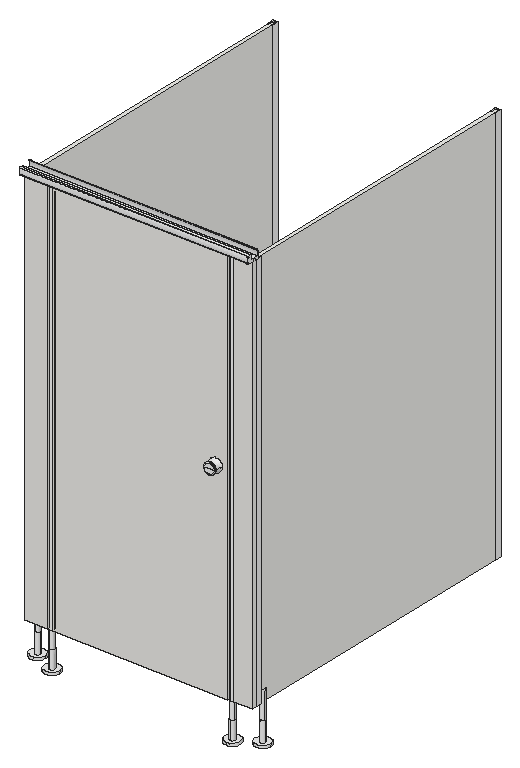
Revit family "Alsanit - Kabiny sanitarne AQUARI - LPW", category Doors, Revit 2020
Family settings
  Work Plane-Based = No
  Always vertical = Yes
  Cut with Voids When Loaded = No
  Shared = No
  Room Calculation Point = No
Parameters (values of type "18mm")
  Width = 0.00 mm  # constant formula
  Type Comments = "Kabiny sanitarne (ścianki giszetowe do WC)"
  Thickness = Grubość ścianki  # 18.00 mm
  Szerokość wewnętrzna modułu (min. 1000) [instance] = 1000.00 mm
  Szerokość wewnętrzna modułu [instance] = [Szerokość wewnętrzna modułu (min. 1000)]  # 1000.00 mm
  Szerokość drzwi (max. 1000 mm) [instance] = 800.00 mm
  Szczelina obok drzwi prawa [instance] = if([Orientacja - odbij lustrzanie], Szczelina prawa 1, Szczelina prawa 2)  # 26.00 mm
  Szczelina obok drzwi lewa [instance] = if([Orientacja - odbij lustrzanie], Szczelina lewa 1, Szczelina lewa 2)  # 23.00 mm
  Rough Width = 0.00 mm  # constant formula
  Rough Height = 0.00 mm  # constant formula
  Podcięcie na geberit - prawe [instance] = no
  Podcięcie na geberit - prawa wartość [instance] = if([Podcięcie na geberit - prawe], [Szerokość wewnętrzna modułu (min. 1000)] / 2 + 50.00 mm, 5.00 mm)  # 5.00 mm
  Podcięcie na geberit - odsunięcie poziome wartość [instance] = if([Podcięcie na geberit - odsunięcie poziome] = 0.00 mm, 5.00 mm, [Podcięcie na geberit - odsunięcie poziome])  # 5.00 mm
  Podcięcie na geberit - odsunięcie poziome [instance] = 0.00 mm
  Podcięcie na geberit - odsunięcie pionowe wartość [instance] = if([Podcięcie na geberit - odsunięcie pionowe] = 0.00 mm, 5.00 mm, [Podcięcie na geberit - odsunięcie pionowe])  # 5.00 mm
  Podcięcie na geberit - odsunięcie pionowe [instance] = 0.00 mm
  Podcięcie na geberit - lewe [instance] = no
  Podcięcie na geberit - lewa wartość [instance] = if([Podcięcie na geberit - lewe], [Szerokość wewnętrzna modułu (min. 1000)] / 2 + 50.00 mm, 5.00 mm)  # 5.00 mm
  Odsunięcie ścianki lewe kontrola [instance] = 91.00 mm  # constant formula
  Odległość nóżki prawa [instance] = Szczelina obok drzwi prawa / 2  # 13.00 mm
  Odległość nóżki lewa [instance] = Szczelina obok drzwi lewa / 2  # 11.50 mm
  Nóżka grubość 2 [instance] = 24.00 mm  # constant formula
  Nózka grubość stopka [instance] = 70.00 mm  # constant formula
  Nożka grubość 1 [instance] = 20.00 mm  # constant formula
  Noga prawa widoczność [instance] = not([Połączenie - prawa strona] = Prawa strona przy ścianie typ)  # yes
  Noga lewa widoczność [instance] = [Połączenie - lewa strona] = Lewa strona zamknięta typ  # yes
  Krótki opis = "Kabiny sanitarne ALSANIT posiadające oznaczenie CE zgodnie z parametrami systemu"
  Height = 0.00 mm  # constant formula
  Function = Interior
  Film Instruktażowy = "https://youtu.be/qyrI1CfgFO4"
  Define Thermal Properties by = Schematic Type
  Construction Type = "Kabiny sanitarne"
  Szczelina prawa 2 = 26.00 mm  # constant formula
  Szczelina prawa 1 = 23.00 mm  # constant formula
  Analytic Construction = "<None>"
  Akcesoria - wzmocnienie pionowe prawe [instance] = [Odsunięcie prawej ścianki od osi (min. 60 mm)] > 399.00 mm  # no
  Akcesoria - wzmocnienie pionowe lewe [instance] = ([Szerokość wewnętrzna modułu (min. 1000)] - [Szerokość drzwi (max. 1000 mm)] - [Odsunięcie prawej ścianki od osi (min. 60 mm)]) > 400.00 mm  # no
  Wysokość ścianki łączącej [instance] = 2000.00 mm  # constant formula
  Szerokość zewnętrzna modułu [instance] = 1042.00 mm
  Szerokość obliczona [instance] = if(and(Lewa strona przy ścianie, Prawa strona przy ścianie), [Szerokość wewnętrzna modułu (min. 1000)] - 2 * (Grubość ścianki + 7.00 mm), if(or(Lewa strona przy ścianie, Prawa strona przy ścianie), [Szerokość wewnętrzna modułu (min. 1000)] - Grubość ścianki - 7.00 mm, [Szerokość wewnętrzna modułu (min. 1000)]))  # 1000.00 mm
  Wysokość modułu [instance] = 2030.00 mm  # constant formula
  URL = "https://www.alsanit.pl/"
  Rodzaj płyt = "LPW - Laminowana płyta wiórowa"
  Prawe odsunięcie belki dolnej [instance] = if(Prawa strona przy ścianie, 30.00 mm, 0.00 mm)  # 0.00 mm
  Prawa strona niepołączona [instance] = not(Prawa strona połączona)  # yes
  Model = "AQUARI"
  Manufacturer = "Alsanit"
  Lewe odsunięcie belki dolnej [instance] = if(Lewa strona przy ścianie, 30.00 mm, 0.00 mm)  # 0.00 mm
  Lewa strona niepołączona [instance] = not(Lewa strona połączona)  # yes
  Głębokość modułu (min. 1150mm - max. 1600 mm) [instance] = 1400.00 mm
  Głębokość modułu [instance] = if([Głębokość modułu (min. 1150mm - max. 1600 mm)] > 1600.00 mm, 1600.00 mm, [Głębokość modułu (min. 1150mm - max. 1600 mm)])  # 1400.00 mm
  Description = "Kabiny sanitarne to idealna kombinacja trwałości i estetyki w najnowszej cenie. Ze względu na estetyczność zastosowań jest najchętniej kupowanym systemem kabin sanitarnych w Polsce."
  Autor = "www.archispace.pl"
  Orientacja - na zewnątrz [instance] = not([Orientacja - do wewnątrz])  # yes
  Orientacja - do wewnątrz [instance] = no
  Ścianka łącząca [instance] = not(Prawa strona przy ścianie)  # yes
  Szerokość drzwi [instance] = if([Szerokość drzwi (max. 1000 mm)] > 1000.00 mm, 1000.00 mm, [Szerokość drzwi (max. 1000 mm)])  # 800.00 mm
  Prawe odsunięcie osi [instance] = if(Prawa strona zamknięta, Grubość ścianki / 2 + 3.00 mm, if(Prawa strona przy ścianie, Grubość ścianki / 2 + 7.00 mm, 0.00 mm))  # 12.00 mm
  Prawa strona zamknięta typ = Rodzaj połączenia : Zamknięta
  Prawa strona zamknięta [instance] = [Połączenie - prawa strona] = Prawa strona zamknięta typ  # yes
  Prawa strona przy ścianie typ = Rodzaj połączenia : Przy ścianie
  Prawa strona przy ścianie [instance] = [Połączenie - prawa strona] = Prawa strona przy ścianie typ  # no
  Prawa strona połączona typ = Rodzaj połączenia : Połączona
  Prawa strona połączona [instance] = [Połączenie - prawa strona] = Prawa strona połączona typ  # no
  Prawe odsunięcie osi panelu [instance] = if(Prawa strona przy ścianie, 10.00 mm, 0.00 mm)  # 0.00 mm
  Odsunięcie prawej ścianki od osi (min. 60 mm) [instance] = 100.00 mm
  Połączenie - prawa strona [instance] = Rodzaj połączenia : Zamknięta
  Orientacja - odbij lustrzanie [instance] = no
  Materiał płyt = Alsanit - LPW - Biały 9016
  Materiał okuć = Alsanit - Aluminium
  Materiał wsporników = Alsanit - Aluminium
  Materiał belek = Alsanit - Aluminium
  Lewe odsunięcie osi panelu [instance] = if(Lewa strona przy ścianie, 10.00 mm, 0.00 mm)  # 0.00 mm
  Lewe odsunięcie osi [instance] = if(Lewa strona zamknięta, Grubość ścianki / 2 + 3.00 mm, if(Lewa strona przy ścianie, Grubość ścianki / 2 + 7.00 mm, 0.00 mm))  # 12.00 mm
  Lewa strona zamknięta typ = Rodzaj połączenia : Zamknięta
  Lewa strona zamknięta [instance] = [Połączenie - lewa strona] = Lewa strona zamknięta typ  # yes
  Lewa strona przy ścianie typ = Rodzaj połączenia : Przy ścianie
  Lewa strona przy ścianie [instance] = [Połączenie - lewa strona] = Lewa strona przy ścianie typ  # no
  Lewa strona połączona typ = Rodzaj połączenia : Połączona
  Lewa strona połączona [instance] = [Połączenie - lewa strona] = Lewa strona połączona typ  # no
  Odsunięcie lewej ścianki od osi (min. 60 mm) [instance] = 118.00 mm
  Połączenie - lewa strona [instance] = Rodzaj połączenia : Zamknięta
  Grubość ścianki = 18.00 mm
  Default Elevation = 0.00 mm
  Orientacja - bez odbicia [instance] = not([Orientacja - odbij lustrzanie])  # yes
  Szczelina lewa 2 = 23.00 mm  # constant formula
  Szczelina lewa 1 = 26.00 mm  # constant formula
Reference planes
  plane 1 "Center (Front/Back)": y = 0
  plane 2: z = 0
  plane 3 "Center (Left/Right)": x = 0
  plane 4: x = -500
  plane 5: x = 500
  plane 6: x = 509
  plane 7: x = 518
  plane 8: x = -509
  plane 9: x = -518
  plane 10: y = -1400
  plane 11: y = -1418
  plane 12: y = -10
  plane 13: y = -1394
  plane 14: y = -1409
  plane 15 "Lewa oś wstawienia": x = -521
  plane 16 "Prawa oś wstawienia": x = 521
  plane 17: y = -1334.5
  plane 18: x = 435
  plane 19: x = 409
  plane 20: x = -391
  plane 21: x = -414
  plane 22 "Prawe odsunięcie osi panelu": x = 521
  plane 23 "Lewe odsunięcie osi panelu": x = -521
  plane 24: x = 9
  plane 25: z = 170
  plane 26 "Wysokość modułu": z = 2030
  plane 27 "Odsunięcie górne ścianek frontowych": z = 2010
  plane 28: y = -1398.5
  plane 29: x = -521
  plane 30: x = 521
  plane 31: z = 100
  plane 32: z = 225.5
  plane 33: z = 2000
  plane 34: z = 170
  plane 35: x = -521
  plane 36: x = 521
  plane 37: z = 170
  plane 38: z = 2000
  plane 39: z = 2000
  plane 40: z = 2000
  plane 41: z = 2000
  plane 42: z = 2000
  plane 43: z = 2000
  plane 44: x = 610
  plane 45: x = -596
  plane 46: z = 1995
  plane 47: z = 1990
  plane 48: z = 2000
  plane 49: z = 2000
  plane 50: z = 2000
  plane 51: z = 2000
  plane 52: x = -605
  plane 53: x = -587
  plane 54: x = 601
  plane 55: x = 619
  plane 56: x = -5
  plane 57: x = 5
  plane 58: z = 5
  plane 59: y = -5
  plane 60: z = 5
  plane 61: y = -5
  plane 62: y = -1355
  plane 63: z = 10
  plane 64: z = 10
Forms (mm)
  Sweep 1, solid, material "Alsanit - LPW - Biały 9016" <- "Materiał płyt", visible <- "Ścianka łącząca"
    path origin (0, 0, 0) x (1, 0, 0) y (0, 0, 1)
      loop
        line (509, 170) -> (509, 2000)
    profile origin (509, 0, 1085) x (-1, 0, 0) y (0, -1, 0)
      loop
        line (9, 10) -> (9, 1394) -> (-9, 1394) -> (-9, 10) -> (9, 10)
  Sweep 2, solid, material "Alsanit - LPW - Biały 9016" <- "Materiał płyt", visible <- "Lewa strona zamknięta"
    path origin (0, 0, 0) x (-1, 0, 0) y (0, 0, 1)
      loop
        line (509, 170) -> (509, 2000)
    profile origin (-509, 0, 1085) x (-1, 0, 0) y (0, -1, 0)
      loop
        line (-9, 10) -> (9, 10) -> (9, 1394) -> (-9, 1394) -> (-9, 10)
  Sweep 3, solid, material "Alsanit - Aluminium" <- "Materiał belek", visible <- "Ścianka łącząca", detail levels medium+fine
    path origin (0, 0, 0) x (1, 0, 0) y (0, 0, 1)
      loop
        line (509, 2000) -> (509, 170)
    profile "U-profile : U-profile" origin (509, 0, 1085) x (1, 0, 0) y (0, -1, 0)
      loop
        line (10.5, 0) -> (10.5, 30) -> (9, 30) -> (9, 1.5) -> (-9, 1.5) -> (-9, 30) -> (-10.5, 30) -> (-10.5, 0) -> (10.5, 0)
  Sweep 4, solid, material "Alsanit - Aluminium" <- "Materiał belek", visible <- "Lewa strona zamknięta", detail levels medium+fine
    path origin (0, 0, 0) x (-1, 0, 0) y (0, 0, 1)
      loop
        line (509, 2000) -> (509, 170)
    profile "U-profile : U-profile" origin (-509, 0, 1085) x (1, 0, 0) y (0, -1, 0)
      loop
        line (10.5, 0) -> (10.5, 30) -> (9, 30) -> (9, 1.5) -> (-9, 1.5) -> (-9, 30) -> (-10.5, 30) -> (-10.5, 0) -> (10.5, 0)
  Sweep 5, solid, material "Alsanit - Aluminium" <- "Materiał belek", visible <- "Lewa strona zamknięta", detail levels medium+fine
    path origin (673.537, -1400, 1200) x (1, 0, 0) y (0, 0, 1)
      loop
        line (-1182.537, 800) -> (-1182.537, -1030)
    profile "U-profile : U-profile" origin (-509, -1400, 1085) x (1, 0, 0) y (0, -1, 0)
      loop
        line (-10.5, 0) -> (-10.5, -30) -> (-9, -30) -> (-9, -1.5) -> (9, -1.5) -> (9, -30) -> (10.5, -30) -> (10.5, 0) -> (-10.5, 0)
  Sweep 6, solid, material "Alsanit - Aluminium" <- "Materiał belek", visible <- "Ścianka łącząca", detail levels medium+fine
    path origin (673.537, -1400, 1200) x (1, 0, 0) y (0, 0, 1)
      loop
        line (-164.537, 800) -> (-164.537, -1030)
    profile "U-profile : U-profile" origin (509, -1400, 1085) x (1, 0, 0) y (0, -1, 0)
      loop
        line (-10.5, 0) -> (-10.5, -30) -> (-9, -30) -> (-9, -1.5) -> (9, -1.5) -> (9, -30) -> (10.5, -30) -> (10.5, 0) -> (-10.5, 0)
  Extrusion 7, solid, material "Alsanit - LPW - Biały 9016" <- "Materiał płyt", detail levels medium+fine
    sketch origin (0, 0, 0) x (1, 0, 0) y (0, 1, 0)
      loop
        line (-521, -1400) -> (-521, -1418) -> (-414, -1418) -> (-414, -1400) -> (-521, -1400)
    from 170 to 2010
  Extrusion 8, solid, material "Alsanit - LPW - Biały 9016" <- "Materiał płyt", detail levels medium+fine
    sketch origin (0, 0, 0) x (-1, 0, 0) y (0, -1, 0)
      loop
        line (-521, 1400) -> (-435, 1400) -> (-435, 1418) -> (-521, 1418) -> (-521, 1400)
    from 170 to 2010
  Sweep 9, solid, material "Alsanit - Aluminium" <- "Materiał belek", visible <- "Lewa strona przy ścianie", detail levels medium+fine
    path origin (-771.956, -1409, 1200) x (-1, 0, 0) y (0, 0, 1)
      loop
        line (-250.956, -1030) -> (-250.956, 800)
    profile "U-profile : U-profile" origin (-521, -1409, 1085) x (1, 0, 0) y (0, 1, 0)
      loop
        line (0, -10.5) -> (30, -10.5) -> (30, -9) -> (1.5, -9) -> (1.5, 9) -> (30, 9) -> (30, 10.5) -> (0, 10.5) -> (0, -10.5)
  Sweep 10, solid, material "Alsanit - Aluminium" <- "Materiał belek", visible <- "Prawa strona przy ścianie", detail levels medium+fine
    path origin (771.956, -1409, 1200) x (1, 0, 0) y (0, 0, -1)
      loop
        line (-250.956, 1030) -> (-250.956, -800)
    profile "U-profile : U-profile" origin (521, -1409, 1085) x (1, 0, 0) y (0, 1, 0)
      loop
        line (0, 10.5) -> (-30, 10.5) -> (-30, 9) -> (-1.5, 9) -> (-1.5, -9) -> (-30, -9) -> (-30, -10.5) -> (0, -10.5) -> (0, 10.5)
  Extrusion 11, solid, material "Alsanit - LPW - Biały 9016" <- "Materiał płyt", detail levels coarse
    sketch origin (0, 0, 0) x (1, 0, 0) y (0, 1, 0)
      loop
        line (-521, -1400) -> (-521, -1418) -> (521, -1418) -> (521, -1400) -> (-521, -1400)
    from 170 to 2030
  Sweep 12, solid, material "Alsanit - Aluminium" <- "Materiał belek", not visible, detail levels medium+fine
    path origin (-998.294, -1524, 2030) x (-1, 0, 0) y (0, -1, 0)
      loop
        line (-489.294, -1524) -> (-489.294, -125.5)
    profile "U-profile : U-profile" origin (-509, -699.25, 2030) x (1, 0, 0) y (0, 0, 1)
      loop
        line (-10.5, 0) -> (-10.5, -30) -> (-9, -30) -> (-9, -1.5) -> (9, -1.5) -> (9, -30) -> (10.5, -30) -> (10.5, 0) -> (-10.5, 0)
  Sweep 13, solid, material "Alsanit - Aluminium" <- "Materiał belek", not visible, detail levels medium+fine
    path origin (-998.294, -1524, 2030) x (-1, 0, 0) y (0, -1, 0)
      loop
        line (-1507.294, -1524) -> (-1507.294, -125.5)
    profile "U-profile : U-profile" origin (509, -699.25, 2030) x (1, 0, 0) y (0, 0, 1)
      loop
        line (-10.5, 0) -> (-10.5, -30) -> (-9, -30) -> (-9, -1.5) -> (9, -1.5) -> (9, -30) -> (10.5, -30) -> (10.5, 0) -> (-10.5, 0)
  Sweep 14, solid, material "Alsanit - Aluminium" <- "Materiał belek", not visible, detail levels medium+fine
    path origin (-771.956, -1409, 4200) x (-1, 0, 0) y (0, 0, 1)
      loop
        line (-250.956, -2170) -> (-1292.956, -2170)
    profile "U-profile : U-profile" origin (0, -1409, 2030) x (0, 0, -1) y (0, 1, 0)
      loop
        line (0, -10.5) -> (30, -10.5) -> (30, -9) -> (1.5, -9) -> (1.5, 9) -> (30, 9) -> (30, 10.5) -> (0, 10.5) -> (0, -10.5)
  Sweep 15, solid, material "Alsanit - Aluminium" <- "Materiał belek", not visible, detail levels medium+fine
    path origin (-771.956, -1409, 1200) x (-1, 0, 0) y (0, 0, 1)
      loop
        line (-250.956, 830) -> (-1292.956, 830)
    profile "U-profile : U-profile" origin (0, -1409, 2030) x (0, 0, -1) y (0, 1, 0)
      loop
        line (0, -10.5) -> (30, -10.5) -> (30, -9) -> (1.5, -9) -> (1.5, 9) -> (30, 9) -> (30, 10.5) -> (0, 10.5) -> (0, -10.5)
  Sweep 16, solid, material "Alsanit - LPW - Biały 9016" <- "Materiał płyt", visible <- "Akcesoria - wzmocnienie pionowe prawe", detail levels medium+fine
    path origin (-771.956, -1409, 1200) x (-1, 0, 0) y (0, 0, 1)
      loop
        line (-1381.956, -1030) -> (-1381.956, 800)
    profile origin (610, -1409, 1085) x (1, 0, 0) y (0, 1, 0)
      loop
        line (-9, 15) -> (9, 15) -> (9, 110) -> (-9, 110) -> (-9, 15)
  Sweep 17, solid, material "Alsanit - Aluminium" <- "Materiał belek", visible <- "Akcesoria - wzmocnienie pionowe prawe", detail levels medium+fine
    path origin (673.537, -1400, 1200) x (1, 0, 0) y (0, 0, 1)
      loop
        line (-63.537, -1030) -> (-63.537, 800)
    profile "U-profile : U-profile" origin (610, -1400, 1085) x (-1, 0, 0) y (0, -1, 0)
      loop
        line (-10.5, 0) -> (-10.5, -30) -> (-9, -30) -> (-9, -1.5) -> (9, -1.5) -> (9, -30) -> (10.5, -30) -> (10.5, 0) -> (-10.5, 0)
  Sweep 18, solid, material "Alsanit - LPW - Biały 9016" <- "Materiał płyt", visible <- "Akcesoria - wzmocnienie pionowe lewe", detail levels medium+fine
    path origin (1162.956, -1409, 1200) x (1, 0, 0) y (0, 0, -1)
      loop
        line (-1758.956, 1030) -> (-1758.956, -800)
    profile origin (-596, -1409, 1085) x (1, 0, 0) y (0, 1, 0)
      loop
        line (9, 15) -> (9, 110) -> (-9, 110) -> (-9, 15) -> (9, 15)
  Sweep 19, solid, material "Alsanit - Aluminium" <- "Materiał belek", visible <- "Akcesoria - wzmocnienie pionowe lewe", detail levels medium+fine
    path origin (673.537, -1400, 1200) x (1, 0, 0) y (0, 0, 1)
      loop
        line (-1269.537, -1030) -> (-1269.537, 800)
    profile "U-profile : U-profile" origin (-596, -1400, 1085) x (-1, 0, 0) y (0, -1, 0)
      loop
        line (10.5, 0) -> (-10.5, 0) -> (-10.5, -30) -> (-9, -30) -> (-9, -1.5) -> (9, -1.5) -> (9, -30) -> (10.5, -30) -> (10.5, 0)
  Sweep 20, solid, material "Alsanit - Aluminium" <- "Materiał belek", detail levels medium+fine
    path origin (0, -160, 0) x (1, 0, 0) y (0, 1, 0)
      loop
        line (-521, -1249) -> (521, -1249)
    profile origin (0, -1409, 0) x (0, 1, 0) y (0, 0, 1)
      loop
        line (-9, 2000) -> (-9, 2010.006) -> (9, 2010.006) -> (9, 2000) -> (18.963, 2000)
        arc (18.963, 2000) -> (20.347, 2000.556) -> (20.962, 2001.914) r 2
        arc (20.962, 2001.914) -> (22.476, 2022.263) -> (16.301, 2041.711) r 53.788
        arc (16.301, 2041.711) -> (15.681, 2042.09) -> (14.965, 2042.223) r 2
        line (14.965, 2042.223) -> (14.002, 2042.223) -> (14.002, 2040.823) -> (15.303, 2040.823)
        arc (15.303, 2040.823) -> (20.408, 2026.85) -> (21.387, 2012.006) r 52.487
        line (21.387, 2012.006) -> (-19.028, 2012.006) -> (-19.028, 2032.006) -> (-31.863, 2032.006)
        arc (-31.863, 2032.006) -> (-33.104, 2031.575) -> (-33.81, 2030.466) r 2
        arc (-33.81, 2030.466) -> (-35.785, 2016.001) -> (-33.807, 2001.537) r 53.895
        arc (-33.807, 2001.537) -> (-33.101, 2000.431) -> (-31.861, 2000) r 2
        line (-31.861, 2000) -> (-9, 2000)
  Sweep 21, solid, material "Alsanit - LPW - Biały 9016" <- "Materiał płyt", not visible
    path origin (0, 0, 0) x (1, 0, 0) y (0, 1, 0)
      loop
        line (-391, -1409) -> (409, -1409)
    profile origin (9, -1409, 0) x (0, 1, 0) y (0, 0, 1)
      loop
        line (9, 2010) -> (-9, 2010) -> (-9, 1995) -> (9, 1995) -> (9, 2010)
  Sweep 22, void
    path origin (0, 0, 0) x (1, 0, 0) y (0, 1, 0)
      loop
        line (0, 0) -> (-5, 0)
    profile origin (-2.5, 0, 0) x (0, -1, 0) y (0, 0, 1)
      loop
        line (0, 5) -> (0, 0) -> (5, 0) -> (5, 5) -> (0, 5)
  Sweep 23, void
    path origin (0, 0, 0) x (-1, 0, 0) y (0, -1, 0)
      loop
        line (0, 0) -> (-5, 0)
    profile origin (2.5, 0, 0) x (0, 1, 0) y (0, 0, 1)
      loop
        line (0, 5) -> (-5, 5) -> (-5, 0) -> (0, 0) -> (0, 5)
  Sweep 24, solid, material "Alsanit - Aluminium" <- "Materiał wsporników", visible <- "Lewa strona zamknięta"
    path origin (-771.956, -1409, 1200) x (-1, 0, 0) y (0, 0, 1)
      loop
        line (-262.956, -974.5) -> (-262.956, -1100)
    profile origin (-509, -1409, 162.75) x (0, 1, 0) y (-1, 0, 0)
      loop
        circle (54, 2) r 10
  Sweep 25, solid, material "Alsanit - Aluminium" <- "Materiał wsporników", visible <- "Lewa strona zamknięta"
    path origin (-771.956, -1405, 1200) x (-1, 0, 0) y (0, 0, 1)
      loop
        line (-262.956, -1190) -> (-262.956, -1100)
    profile origin (-509, -1405, 55) x (1, 0, 0) y (0, 1, 0)
      loop
        circle (-2, 50) r 12
  Sweep 26, solid, material "Alsanit - Aluminium" <- "Materiał wsporników", visible <- "Lewa strona zamknięta"
    path origin (-771.956, -1409, 1200) x (-1, 0, 0) y (0, 0, 1)
      loop
        line (-262.956, -1200) -> (-262.956, -1190)
    profile origin (-509, -1409, 5) x (1, 0, 0) y (0, 1, 0)
      loop
        circle (-2, 54) r 35
  Sweep 27, solid, material "Alsanit - Aluminium" <- "Materiał wsporników", visible <- "Prawa strona zamknięta"
    path origin (-771.956, -1409, 1200) x (-1, 0, 0) y (0, 0, 1)
      loop
        line (-1280.956, -1100) -> (-1280.956, -974.5)
    profile origin (509, -1409, 162.75) x (1, 0, 0) y (0, 1, 0)
      loop
        circle (8, 54) r 10
  Sweep 28, solid, material "Alsanit - Aluminium" <- "Materiał wsporników", visible <- "Prawa strona zamknięta"
    path origin (-771.956, -1409, 1200) x (-1, 0, 0) y (0, 0, 1)
      loop
        line (-1280.956, -1190) -> (-1280.956, -1100)
    profile origin (509, -1409, 55) x (1, 0, 0) y (0, 1, 0)
      loop
        circle (8, 54) r 12
  Sweep 29, solid, material "Alsanit - Aluminium" <- "Materiał wsporników", visible <- "Prawa strona zamknięta"
    path origin (-771.956, -1409, 1200) x (-1, 0, 0) y (0, 0, 1)
      loop
        line (-1280.956, -1200) -> (-1280.956, -1190)
    profile origin (509, -1409, 5) x (1, 0, 0) y (0, 1, 0)
      loop
        circle (8, 54) r 35
Cuts and joins
  Sweep 22 cuts Sweep 4
  Sweep 22 cuts Sweep 2
  Sweep 23 cuts Sweep 1
  Sweep 23 cuts Sweep 3
  joined: Sweep 24, Sweep 25, Sweep 26
  joined: Sweep 27, Sweep 28, Sweep 29
Lines and regions (mm)
  model lines, style "Doors", detail levels medium+fine
    curve 1: line (435, -1418, 2010) -> (435, -1418, 170)
    curve 3: line (521, -1418, 2010) -> (435, -1418, 2010)
    curve 6: line (-414, -1418, 170) -> (-414, -1418, 2010)
    curve 7: line (-414, -1418, 2010) -> (-521, -1418, 2010)
    curve 10: line (-414, -1400, 170) -> (-414, -1418, 170)
    curve 11: line (435, -1400, 170) -> (435, -1418, 170)
    curve 14: line (-414, -1400, 2010) -> (-414, -1418, 2010)
    curve 15: line (435, -1400, 2010) -> (435, -1418, 2010)
    curve 17: line (435, -1400, 2010) -> (435, -1400, 170)
    curve 19: line (521, -1400, 2010) -> (435, -1400, 2010)
    curve 20: line (435, -1400, 170) -> (521, -1400, 170)
    curve 22: line (-414, -1400, 170) -> (-414, -1400, 2010)
    curve 23: line (-414, -1400, 2010) -> (-521, -1400, 2010)
    curve 24: line (-521, -1400, 170) -> (-414, -1400, 170)
  model lines, style "Doors", visible <- "Prawa strona niepołączona", detail levels medium+fine
    curve 2: line (521, -1418, 170) -> (521, -1418, 2010)
    curve 12: line (521, -1400, 170) -> (521, -1418, 170)
    curve 16: line (521, -1400, 2010) -> (521, -1418, 2010)
    curve 18: line (521, -1400, 170) -> (521, -1400, 2010)
  model lines, style "Doors"
    curve 4: line (435, -1418, 170) -> (521, -1418, 170)
    curve 8: line (-521, -1418, 170) -> (-414, -1418, 170)
  model lines, style "Doors", visible <- "Lewa strona niepołączona", detail levels medium+fine
    curve 5: line (-521, -1418, 2010) -> (-521, -1418, 170)
    curve 9: line (-521, -1400, 170) -> (-521, -1418, 170)
    curve 13: line (-521, -1400, 2010) -> (-521, -1418, 2010)
    curve 21: line (-521, -1400, 2010) -> (-521, -1400, 170)
Dimensions and locks
  equal spacing: plane 5, plane 6, plane 7
  "Grubość ścianki": plane 5 to plane 7
  equal spacing: plane 9, plane 8, plane 4
  "Grubość ścianki": plane 9 to plane 4
  "Głębokość modułu": plane 10 to plane 1 "Center (Front/Back)"
  "Grubość ścianki": plane 11 to plane 10
  locked: plane 12 to plane 1 "Center (Front/Back)" at 10
  locked: plane 10 to plane 13 at 6
  equal spacing: plane 10, plane 14, plane 11
  equal spacing: plane 4, plane 3 "Center (Left/Right)", plane 5
  "Szerokość obliczona": plane 4 to plane 5
  "Lewe odsunięcie osi": plane 15 "Lewa oś wstawienia" to plane 8
  "Prawe odsunięcie osi": plane 6 to plane 16 "Prawa oś wstawienia"
  locked: plane 10 to plane 17 at 65.5
  "Szerokość drzwi": plane 20 to plane 19
  equal spacing: plane 20, plane 24, plane 19
  "Wysokość modułu": plane 26 "Wysokość modułu" to plane 2
  locked: plane 10 to plane 28 at 1.5
  plane 25 to level = 170.00 mm
  locked: plane 31 to plane 2 at 100
  plane 15 "Lewa oś wstawienia" to plane 29 = 0.00 mm
  plane 30 to plane 16 "Prawa oś wstawienia" = 0.00 mm
  locked: plane 32 to plane 25 at 55.5
  locked: plane 26 "Wysokość modułu" to plane 33 at 30
  "Lewe odsunięcie osi panelu": plane 15 "Lewa oś wstawienia" to plane 23 "Lewe odsunięcie osi panelu"
  "Prawe odsunięcie osi panelu": plane 22 "Prawe odsunięcie osi panelu" to plane 16 "Prawa oś wstawienia"
  plane 34 to plane 25 = 0.00 mm
  "Lewe odsunięcie belki dolnej": plane 15 "Lewa oś wstawienia" to plane 35
  "Prawe odsunięcie belki dolnej": plane 36 to plane 16 "Prawa oś wstawienia"
  plane 37 to plane 2 = 170.00 mm
  "Wysokość ścianki łączącej": plane 38 to level
  plane 26 "Wysokość modułu" to plane 39 = 30.00 mm
  plane 26 "Wysokość modułu" to plane 40 = 30.00 mm
  plane 26 "Wysokość modułu" to plane 27 "Odsunięcie górne ścianek frontowych" = 20.00 mm
  plane 38 to plane 41 = 0.00 mm
  plane 38 to plane 42 = 0.00 mm
  plane 26 "Wysokość modułu" to plane 43 = 30.00 mm
  "Szerokość zewnętrzna modułu": plane 15 "Lewa oś wstawienia" to plane 16 "Prawa oś wstawienia"
  plane 47 to level = 1990.00 mm
  locked: plane 46 to plane 47 at 5
  locked: plane 48 to plane 2 at 2000
  locked: plane 50 to level at 2000
  locked: plane 51 to level at 2000
  equal spacing: plane 52, plane 45, plane 53
  "Grubość ścianki": plane 52 to plane 53
  equal spacing: plane 54, plane 44, plane 55
  "Grubość ścianki": plane 54 to plane 55
  "Podcięcie na geberit - lewa wartość": plane 56 to plane 3 "Center (Left/Right)"
  "Podcięcie na geberit - prawa wartość": plane 3 "Center (Left/Right)" to plane 57
  "Podcięcie na geberit - odsunięcie poziome wartość": plane 1 "Center (Front/Back)" to plane 59
  "Podcięcie na geberit - odsunięcie pionowe wartość": plane 58 to level
  "Podcięcie na geberit - odsunięcie pionowe wartość": plane 60 to level
  "Podcięcie na geberit - odsunięcie poziome wartość": plane 1 "Center (Front/Back)" to plane 61
  locked: plane 10 to plane 62 at 45
  equal spacing: Sweep 24 sketch curve, plane 62, Sweep 24 sketch curve
  Sweep 24 sketch curve to plane 4 = 1.00 mm
  equal spacing: Sweep 25 sketch curve, plane 62, Sweep 25 sketch curve
  plane 4 to Sweep 25 sketch curve = 1.00 mm
  equal spacing: Sweep 26 sketch curve, plane 62, Sweep 26 sketch curve
  Sweep 12 to Sweep 26 sketch curve = 22.50 mm
  equal spacing: Sweep 27 sketch curve, plane 62, Sweep 27 sketch curve
  locked: plane 6 to Sweep 27 sketch curve at 18
  equal spacing: Sweep 28 sketch curve, plane 62, Sweep 28 sketch curve
  locked: plane 6 to Sweep 28 sketch curve at 20
  equal spacing: Sweep 29 sketch curve, plane 62, Sweep 29 sketch curve
  locked: plane 6 to Sweep 29 sketch curve at 43
  "Szczelina obok drzwi lewa": plane 21 to plane 20
  "Szczelina obok drzwi prawa": plane 19 to plane 18
  "Odsunięcie prawej ścianki od osi (min. 60 mm)": plane 19 to plane 6
  plane 20 to plane 8 = 118.00 mm
  locked: plane 19 to plane 44 at 201
  locked: plane 45 to plane 20 at 205
  "Odsunięcie lewej ścianki od osi (min. 60 mm)": plane 8 to plane 20
  "Nożka grubość 1": diameter of Sweep 24 sketch curve
  "Nóżka grubość 2": diameter of Sweep 25 sketch curve
  "Nózka grubość stopka": diameter of Sweep 26 sketch curve
  aligned and locked: level to plane 2
  aligned and locked: plane 5 to Sweep 1 sketch curve
  aligned and locked: Sweep 1 sketch curve to plane 7
  aligned and locked: Sweep 1 sketch curve to plane 13
  aligned and locked: plane 12 to Sweep 1 sketch curve
  aligned and locked: Sweep 2 sketch curve to plane 12
  aligned and locked: plane 9 to Sweep 2 sketch curve
  aligned and locked: plane 4 to Sweep 2 sketch curve
  aligned and locked: plane 13 to Sweep 2 sketch curve
  aligned and locked: plane 6 to Sweep 3 sketch curve
  aligned and locked: Sweep 4 sketch curve to plane 8
  aligned and locked: Sweep 1 sketch curve to plane 6
  aligned and locked: plane 8 to Sweep 2 sketch curve
  aligned and locked: Extrusion 7 sketch curve to plane 21
  aligned and locked: plane 11 to Extrusion 7 sketch curve
  aligned and locked: plane 10 to Extrusion 7 sketch curve
  aligned and locked: Extrusion 7 sketch curve to plane 23 "Lewe odsunięcie osi panelu"
  aligned and locked: Extrusion 8 sketch curve to plane 11
  aligned and locked: Extrusion 8 sketch curve to plane 10
  aligned and locked: plane 22 "Prawe odsunięcie osi panelu" to Extrusion 8 sketch curve
  aligned and locked: plane 10 to nested 1
  aligned and locked: nested 2 to nested 1
  aligned and locked: nested 2 to plane 10
  aligned and locked: nested 2 to level
  aligned and locked: level to nested 1
  aligned and locked: plane 10 to Extrusion 11 sketch curve
  aligned and locked: plane 11 to Extrusion 11 sketch curve
  aligned and locked: plane 15 "Lewa oś wstawienia" to Extrusion 11 sketch curve
  aligned and locked: Extrusion 11 sketch curve to plane 16 "Prawa oś wstawienia"
  aligned and locked: Extrusion 7 to plane 25
  aligned and locked: Extrusion 8 to plane 25
  aligned and locked: curve 4 to plane 25
  aligned and locked: plane 25 to curve 2
  aligned and locked: plane 22 "Prawe odsunięcie osi panelu" to curve 2
  aligned and locked: plane 22 "Prawe odsunięcie osi panelu" to curve 3
  aligned and locked: curve 8 to plane 25
  aligned and locked: plane 23 "Lewe odsunięcie osi panelu" to curve 5
  aligned and locked: plane 21 to curve 6
  aligned and locked: plane 11 to curve 9
  aligned and locked: plane 10 to curve 9
  aligned and locked: curve 10 to plane 21
  aligned and locked: plane 11 to curve 10
  aligned and locked: plane 10 to curve 10
  aligned and locked: curve 11 to plane 18
  aligned and locked: plane 10 to curve 11
  aligned and locked: plane 11 to curve 11
  aligned and locked: plane 10 to curve 12
  aligned and locked: plane 11 to curve 12
  aligned and locked: curve 12 to plane 22 "Prawe odsunięcie osi panelu"
  aligned and locked: plane 10 to curve 13
  aligned and locked: plane 11 to curve 13
  aligned and locked: plane 11 to curve 14
  aligned and locked: plane 10 to curve 14
  aligned and locked: curve 14 to plane 21
  aligned and locked: plane 11 to curve 15
  aligned and locked: plane 10 to curve 15
  aligned and locked: curve 15 to plane 18
  aligned and locked: plane 10 to curve 16
  aligned and locked: plane 11 to curve 16
  aligned and locked: curve 16 to plane 22 "Prawe odsunięcie osi panelu"
  aligned and locked: plane 23 "Lewe odsunięcie osi panelu" to curve 13
  aligned and locked: plane 23 "Lewe odsunięcie osi panelu" to curve 9
  aligned and locked: plane 16 "Prawa oś wstawienia" to Sweep 10 sketch curve
  aligned and locked: plane 15 "Lewa oś wstawienia" to Sweep 9 sketch curve
  aligned and locked: plane 6 to Sweep 6 sketch curve
  aligned and locked: Extrusion 7 to plane 27 "Odsunięcie górne ścianek frontowych"
  aligned and locked: Extrusion 8 to plane 27 "Odsunięcie górne ścianek frontowych"
  aligned and locked: curve 23 to plane 27 "Odsunięcie górne ścianek frontowych"
  aligned and locked: curve 7 to plane 27 "Odsunięcie górne ścianek frontowych"
  aligned and locked: curve 3 to plane 27 "Odsunięcie górne ścianek frontowych"
  aligned and locked: curve 19 to plane 27 "Odsunięcie górne ścianek frontowych"
  aligned and locked: plane 25 to Sweep 1 sketch curve
  aligned and locked: plane 25 to Sweep 2 sketch curve
  aligned and locked: plane 1 "Center (Front/Back)" to Sweep 12 sketch curve
  aligned and locked: Sweep 12 sketch curve to plane 8
  aligned and locked: plane 6 to Sweep 13 sketch curve
  aligned and locked: plane 1 "Center (Front/Back)" to Sweep 13 sketch curve
  aligned and locked: Sweep 14 sketch curve to plane 26 "Wysokość modułu"
  aligned and locked: plane 15 "Lewa oś wstawienia" to Sweep 14 sketch curve
  aligned and locked: plane 16 "Prawa oś wstawienia" to Sweep 14 sketch curve
  aligned and locked: plane 28 to Sweep 12 sketch curve
  aligned and locked: plane 28 to Sweep 13 sketch curve
  aligned and locked: Extrusion 11 to plane 25
  aligned and locked: Sweep 15 sketch curve to plane 26 "Wysokość modułu"
  aligned and locked: plane 16 "Prawa oś wstawienia" to Sweep 15 sketch curve
  aligned and locked: plane 15 "Lewa oś wstawienia" to Sweep 15 sketch curve
  aligned and locked: plane 23 "Lewe odsunięcie osi panelu" to curve 21
  aligned and locked: plane 22 "Prawe odsunięcie osi panelu" to curve 18
  aligned and locked: plane 34 to Sweep 5 sketch curve
  aligned and locked: plane 34 to Sweep 4 sketch curve
  aligned and locked: plane 34 to Sweep 3 sketch curve
  aligned and locked: plane 34 to Sweep 6 sketch curve
  aligned and locked: plane 37 to Sweep 9 sketch curve
  aligned and locked: Sweep 10 sketch curve to plane 37
  aligned and locked: plane 38 to Sweep 1 sketch curve
  aligned and locked: plane 39 to Sweep 9 sketch curve
  aligned and locked: plane 41 to Sweep 6 sketch curve
  aligned and locked: plane 42 to Sweep 3 sketch curve
  aligned and locked: plane 43 to Sweep 10 sketch curve
  aligned and locked: Sweep 16 sketch curve to plane 44
  aligned and locked: plane 45 to Sweep 18 sketch curve
  aligned and locked: plane 45 to Sweep 19 sketch curve
  aligned and locked: plane 16 "Prawa oś wstawienia" to Sweep 20 sketch curve
  aligned and locked: plane 15 "Lewa oś wstawienia" to Sweep 20 sketch curve
  aligned and locked: Sweep 20 sketch curve to plane 14
  aligned and locked: plane 20 to Sweep 21 sketch curve
  aligned and locked: plane 19 to Sweep 21 sketch curve
  aligned and locked: Sweep 21 sketch curve to plane 14
  aligned and locked: Sweep 21 sketch curve to curve 13
  aligned and locked: plane 11 to Sweep 21 sketch curve
  aligned and locked: plane 10 to Sweep 21 sketch curve
  aligned and locked: plane 46 to Sweep 21 sketch curve
  aligned and locked: plane 48 to Sweep 19 sketch curve
  aligned and locked: plane 50 to Sweep 17 sketch curve
  aligned and locked: plane 51 to Sweep 16 sketch curve
  aligned and locked: Sweep 18 sketch curve to plane 13
  aligned and locked: plane 13 to Sweep 16 sketch curve
  aligned and locked: plane 56 to Sweep 22 sketch curve
  aligned and locked: plane 3 "Center (Left/Right)" to Sweep 22 sketch curve
  aligned and locked: Sweep 22 sketch curve to plane 1 "Center (Front/Back)"
  aligned and locked: Sweep 22 sketch curve to plane 58
  aligned and locked: Sweep 22 sketch curve to plane 59
  aligned and locked: level to Sweep 22 sketch curve
  aligned and locked: plane 1 "Center (Front/Back)" to Sweep 22 sketch curve
  aligned and locked: Sweep 23 sketch curve to plane 60
  aligned and locked: plane 61 to Sweep 23 sketch curve
  aligned and locked: plane 3 "Center (Left/Right)" to Sweep 23 sketch curve
  aligned and locked: plane 57 to Sweep 23 sketch curve
  aligned and locked: plane 1 "Center (Front/Back)" to Sweep 23 sketch curve  (x2)
  aligned and locked: level to Sweep 23 sketch curve
  aligned and locked: plane 32 to Sweep 24 sketch curve
  aligned and locked: plane 31 to Sweep 24 sketch curve
  aligned and locked: plane 31 to Sweep 25 sketch curve
  aligned and locked: plane 63 to Sweep 25 sketch curve
  aligned and locked: plane 64 to Sweep 26 sketch curve
  aligned and locked: level to Sweep 26 sketch curve
  aligned and locked: plane 32 to Sweep 27 sketch curve
  aligned and locked: plane 31 to Sweep 27 sketch curve
  aligned and locked: plane 31 to Sweep 28 sketch curve
  aligned and locked: plane 64 to Sweep 28 sketch curve
  aligned and locked: plane 64 to Sweep 29 sketch curve
  aligned and locked: level to Sweep 29 sketch curve
  aligned and locked: plane 37 to Sweep 18 sketch curve
  aligned and locked: plane 38 to Sweep 2 sketch curve
  aligned and locked: plane 38 to Sweep 4 sketch curve
  aligned and locked: plane 38 to Sweep 5 sketch curve
  aligned and locked: plane 49 to Sweep 18 sketch curve
  aligned and locked: Sweep 20 sketch curve to nested 1
  aligned and locked: nested 1 to Sweep 20 sketch curve
  aligned and locked: Extrusion 8 to plane 18
  aligned and locked: curve 1 to plane 18
  aligned and locked: curve 17 to plane 18
  aligned and locked: nested 1 to plane 24
  aligned and locked: Extrusion 11 to plane 26 "Wysokość modułu"
Automatic sketch dimensions
  curve 22 to plane 21 = 0.00 mm
  curve 24 to plane 25 = 0.00 mm
  curve 17 to plane 25 = 0.00 mm
  Sweep 5 sketch curve to plane 8 = 0.00 mm
  Sweep 16 sketch curve to plane 25 = 0.00 mm
  plane 44 to Sweep 17 sketch curve = 0.00 mm
  Sweep 17 sketch curve to plane 25 = 0.00 mm
  Sweep 19 sketch curve to plane 25 = 0.00 mm
  Sweep 20 sketch curve to Sweep 20 sketch curve = 0.00 mm  (x3)
  profile plane to Sweep 20 sketch curve = 19.028 mm
  Sweep 20 sketch curve to Sweep 20 sketch curve = 11.92 mm
  Sweep 20 sketch curve to Sweep 20 sketch curve = 0.914 mm
  Sweep 20 sketch curve to Sweep 20 sketch curve = 12.835 mm
  Sweep 20 sketch curve to profile plane = 14.002 mm
  Sweep 20 sketch curve to Sweep 20 sketch curve = 9.11 mm
  Sweep 20 sketch curve to Sweep 20 sketch curve = 9.963 mm
  Sweep 20 sketch curve to Sweep 20 sketch curve = 0.963 mm
  Sweep 20 sketch curve to Sweep 20 sketch curve = 0.337 mm
  Sweep 20 sketch curve to Sweep 20 sketch curve = 3.278 mm
  plane 2 to Sweep 20 sketch curve = 2000.00 mm
  Sweep 20 sketch curve to Sweep 20 sketch curve = 2.00 mm  (x4)
  Sweep 20 sketch curve to Sweep 20 sketch curve = 8.006 mm
  Sweep 20 sketch curve to Sweep 20 sketch curve = 4.00 mm  (x2)
  Sweep 20 sketch curve to Sweep 20 sketch curve = 0.60 mm
  Sweep 20 sketch curve to Sweep 20 sketch curve = 14.00 mm
  Sweep 20 sketch curve to Sweep 20 sketch curve = 1.40 mm
  Sweep 20 sketch curve to Sweep 20 sketch curve = 1.946 mm
  Sweep 20 sketch curve to Sweep 20 sketch curve = 0.998 mm
  Sweep 24 sketch curve to plane 8 = 0.00 mm
  Sweep 25 sketch curve to plane 8 = 0.00 mm
  Sweep 26 sketch curve to plane 8 = 0.00 mm
  plane 6 to Sweep 27 sketch curve = 0.00 mm
  Sweep 27 sketch curve to profile plane = 8.00 mm
  plane 6 to Sweep 28 sketch curve = 0.00 mm
  Sweep 28 sketch curve to profile plane = 8.00 mm
  plane 6 to Sweep 29 sketch curve = 0.00 mm
  Sweep 29 sketch curve to profile plane = 8.00 mm
  Extrusion 8 sketch curve to plane 18 = 0.00 mm
  Sweep 16 sketch curve to plane 54 = 0.00 mm
  Sweep 16 sketch curve to plane 55 = 0.00 mm
  Sweep 16 sketch curve to Sweep 16 sketch curve = 95.00 mm
  Sweep 18 sketch curve to plane 52 = 0.00 mm
  Sweep 18 sketch curve to plane 53 = 0.00 mm
  Sweep 18 sketch curve to Sweep 18 sketch curve = 95.00 mm
Nested families
  nested 1: "front" at (9, -1400, 0), visible <- "Orientacja - bez odbicia", Szerokość drzwi <- "Szerokość drzwi", Grubość ścianki <- "Grubość ścianki", type "front"
    with Zawias prawy szczelina 26.00 mm, Zawias lewy szczelina 23.00 mm, Wysokość zawiasów 2000.00 mm, Wysokość drzwi 1990.00 mm, Wysokość dolnej szczeliny 170.00 mm, Szerokość drzwi 800.00 mm, Obniżone drzwi (wysoki słupek) no, Grubość ścianki 18.00 mm
  nested 2: "front" at (9, -1400, 0) x (-1, 0, 0) z (0, 0, 1), visible <- "Orientacja - odbij lustrzanie", Szerokość drzwi <- "Szerokość drzwi", Grubość ścianki <- "Grubość ścianki", type "front", detail levels medium+fine
    with Zawias prawy szczelina 26.00 mm, Zawias lewy szczelina 23.00 mm, Wysokość zawiasów 1990.00 mm, Wysokość drzwi 1990.00 mm, Wysokość dolnej szczeliny 170.00 mm, Szerokość drzwi 800.00 mm, Obniżone drzwi (wysoki słupek) no, Grubość ścianki 18.00 mm
Definition of nested family "front"
  Parameters (values of type "front")
    Średnica zawiasów = 20.00 mm
    Zawias prawy szczelina [instance] = 26.00 mm
    Zawias lewy szczelina [instance] = 23.00 mm
    Wysokość zawiasów [instance] = 1802.00 mm
    Wysokość drzwi [instance] = if([Obniżone drzwi (wysoki słupek)], 1500.00 mm, 1990.00 mm)  # 1500.00 mm
    Wysokość dolnej szczeliny [instance] = 188.00 mm
    Szerokość drzwi [instance] = 900.00 mm
    Obniżone drzwi (wysoki słupek) [instance] = yes
    Materiał płyt = none
    Materiał okuć = none
    Grubość ścianki [instance] = 10.00 mm
    Drzwi zewnętrzne = yes
    Drzwi wewnętrzne = no
    Default Elevation = 0.00 mm
  Reference planes
    plane 1 "Center (Front/Back)": y = 0
    plane 2: z = 0
    plane 3 "Center (Left/Right)": x = 0
    plane 4: y = -10
    plane 5: z = 188
    plane 6: z = 1500
    plane 7: x = 450
    plane 8: x = -450
    plane 9: x = 393
    plane 10: y = -17
    plane 11: z = 1110
    plane 12: y = 14
    plane 13: y = 5
    plane 14: z = 1110
    plane 15: z = 1416.75
    plane 16: z = 1323.25
    plane 17: y = -910
    plane 18: y = 900
    plane 19: y = -5
    plane 20: x = -473
    plane 21: x = 476
    plane 22: x = -461.5
    plane 23: x = 463
    plane 24: z = 10
    plane 25: z = 99
    plane 26: z = 1802
    plane 27: y = 29
    plane 28: y = 12
    plane 29: y = 32
  Forms (mm)
    Sweep 1, solid, material <- "Materiał płyt", detail levels medium+fine
      path origin (500, 0, 0) x (-1, 0, 0) y (0, 0, 1)
        loop
          line (500, 188) -> (500, 1500)
      profile origin (0, 0, 844) x (-1, 0, 0) y (0, -1, 0)
        loop
          line (-450, 0) -> (450, 0) -> (450, 10) -> (-450, 10) -> (-450, 0)
    Revolve 2, solid, material <- "Materiał okuć", detail levels fine
      sketch origin (0, 0, 1110) x (1, 0, 0) y (0, 1, 0)
        loop
          line (393, -10) -> (393, -41) -> (418, -41)
          arc (418, -41) -> (418.043, -25.104) -> (423, -10) r 50.758
          line (423, -10) -> (393, -10)
        axis (393, -10) -> (393, -41)
      angle from 0 to 360
    Revolve 3, solid, material <- "Materiał okuć", detail levels fine
      sketch origin (0, 0, 1110) x (1, 0, 0) y (0, 1, 0)
        loop
          line (393, -41) -> (393, -46) -> (416.5, -46)
          arc (416.5, -46) -> (417.561, -45.561) -> (418, -44.5) r 1.5
          line (418, -44.5) -> (418, -41) -> (393, -41)
        loop
          arc (418, 0) -> (414.131, 5.427) -> (413.024, 12) r 14.859
          line (413.024, 12) -> (393, 12) -> (393, 0) -> (418, 0)
        axis (393, 12) -> (393, -46)
      angle from 0 to 360
    Sweep 4, solid, material <- "Materiał okuć", detail levels fine
      path origin (366, -1524, 1110) x (-1, 0, 0) y (0, -1, 0)
        loop
          line (-84, -1529) -> (-84, -1538)
      profile origin (450, 9.5, 1110) x (-1, 0, 0) y (0, 0, 1)
        loop
          arc (57, -16.877) -> (73.877, 0) -> (57, 16.877) r 16.877
          line (57, 16.877) -> (-26, 9)
          arc (-26, 9) -> (-35, 0) -> (-26, -9) r 9
          line (-26, -9) -> (57, -16.877)
    Extrusion 5, solid, material <- "Materiał okuć", detail levels fine
      sketch origin (0, 0, 0) x (1, 0, 0) y (0, 0, 1)
        loop
          line (-9.496, 1252.645) -> (-9.496, 1247.392) -> (9.496, 1247.392) -> (9.496, 1252.645)
          arc (9.496, 1252.645) -> (4.682, 1258.517) -> (5.976, 1265.998) r 9.126
          arc (5.976, 1265.998) -> (0, 1277.33) -> (-5.976, 1265.998) r 7.241
          arc (-5.976, 1265.998) -> (-4.682, 1258.517) -> (-9.496, 1252.645) r 9.126
      from -5 to 0
    Extrusion 6, solid, material <- "Materiał okuć", detail levels fine
      sketch origin (42.235, -68.236, -0.053) x (-0.601815, 0.798636, 0) y (0, 0, -1)
        loop
          arc (104.856, -1259.865) -> (110.41, -1263.768) -> (114.787, -1258.58) r 5.027
          arc (114.787, -1258.58) -> (112.823, -1253.23) -> (108.108, -1250.03) r 9.3
          arc (108.108, -1250.03) -> (100.618, -1248.3) -> (92.979, -1247.445) r 66.588
          line (92.979, -1247.445) -> (85.678, -1247.445) -> (85.678, -1252.715)
          arc (85.678, -1252.715) -> (92.474, -1251.484) -> (99.218, -1252.976) r 17.523
          arc (99.218, -1252.976) -> (102.86, -1255.747) -> (104.856, -1259.865) r 9.85
      from 0 to -7.113
    Extrusion 7, solid, material <- "Materiał okuć", detail levels fine
      sketch origin (-42.235, -68.236, -0.053) x (0.601815, 0.798636, 0) y (0, 0, 1)
        loop
          arc (104.856, 1259.865) -> (102.86, 1255.747) -> (99.218, 1252.976) r 9.85
          arc (99.218, 1252.976) -> (92.474, 1251.484) -> (85.678, 1252.715) r 17.523
          line (85.678, 1252.715) -> (85.678, 1247.445) -> (92.979, 1247.445)
          arc (92.979, 1247.445) -> (100.618, 1248.3) -> (108.108, 1250.03) r 66.588
          arc (108.108, 1250.03) -> (112.823, 1253.23) -> (114.787, 1258.58) r 9.3
          arc (114.787, 1258.58) -> (110.41, 1263.768) -> (104.856, 1259.865) r 5.027
      from 0 to -7.113
    Sweep 8, solid, material <- "Materiał okuć", detail levels medium+fine
      path origin (-5.26, 0, 0) x (1, 0, 0) y (0, 0, 1)
        loop
          line (-450, 188) -> (-450, 1802)
      profile origin (-455.26, 0, 995) x (-1, 0, 0) y (0, -1, 0)
        loop
          arc (14.9, 0) -> (6.24, 15) -> (-2.42, 0) r 10
          arc (-2.42, 0) -> (6.24, -5) -> (14.9, 0) r 10
    Sweep 9, solid, material <- "Materiał okuć", visible <- "Drzwi zewnętrzne", detail levels medium+fine
      path origin (-0.274, 0, 0) x (1, 0, 0) y (0, 0, 1)
        loop
          line (450, 1802) -> (450, 188)
      profile origin (449.726, 0, 995) x (0, -1, 0) y (1, 0, 0)
        loop
          circle (5, 13.274) r 10
    Sweep 10, solid, material <- "Materiał okuć"
      path origin (0, 0, 0) x (1, 0, 0) y (0, 0, 1)
        loop
          line (-461.5, 188) -> (-461.5, 99)
      profile origin (-461.5, 0, 143.5) x (0, -1, 0) y (1, 0, 0)
        loop
          circle (5, 0) r 10
    Sweep 11, solid, material <- "Materiał okuć"
      path origin (0, 0, 0) x (1, 0, 0) y (0, 0, 1)
        loop
          line (463, 99) -> (463, 188)
      profile origin (463, 0, 143.5) x (-1, 0, 0) y (0, -1, 0)
        loop
          circle (0, 5) r 10
    Sweep 12, solid, material <- "Materiał okuć"
      path origin (0, 0, 0) x (1, 0, 0) y (0, 0, 1)
        loop
          line (463, 99) -> (463, 10)
      profile origin (463, 0, 54.5) x (0, -1, 0) y (1, 0, 0)
        loop
          circle (5, 0) r 12
    Sweep 13, solid, material <- "Materiał okuć"
      path origin (0, 0, 0) x (1, 0, 0) y (0, 0, 1)
        loop
          line (-461.5, 99) -> (-461.5, 10)
      profile origin (-461.5, 0, 54.5) x (0, -1, 0) y (1, 0, 0)
        loop
          circle (5, 0) r 12
    Sweep 14, solid, material <- "Materiał okuć"
      path origin (0, 0, 0) x (1, 0, 0) y (0, 0, 1)
        loop
          line (-461.5, 0) -> (-461.5, 10)
      profile origin (-461.5, 0, 5) x (-1, 0, 0) y (0, -1, 0)
        loop
          circle (0, 5) r 35
    Sweep 15, solid, material <- "Materiał okuć"
      path origin (0, 0, 0) x (1, 0, 0) y (0, 0, 1)
        loop
          line (463, 10) -> (463, 0)
      profile origin (463, 0, 5) x (0, -1, 0) y (1, 0, 0)
        loop
          circle (5, 0) r 35
    Sweep 16, solid, material <- "Materiał okuć", visible <- "Drzwi zewnętrzne", detail levels medium+fine
      path origin (0, 0, 0) x (1, 0, 0) y (0, 0, 1)
        loop
          line (463, 188) -> (463, 1802)
      profile origin (463, 0, 995) x (-1, 0, 0) y (0, -1, 0)
        loop
          line (-4.547, 0.001) -> (-4.547, 9.999) -> (-13, 9.999) -> (-13, 0.001) -> (-4.547, 0.001)
    Sweep 17, solid, material <- "Materiał okuć", visible <- "Drzwi zewnętrzne", detail levels medium+fine
      path origin (0, 0, 0) x (1, 0, 0) y (0, 0, 1)
        loop
          line (463, 188) -> (463, 1802)
      profile origin (463, 0, 995) x (-1, 0, 0) y (0, -1, 0)
        loop
          line (8.369, 0) -> (8.369, 5) -> (0, 5) -> (0, -3)
          arc (0, -3) -> (0.586, -4.414) -> (2, -5) r 2
          line (2, -5) -> (33.642, -5) -> (33.642, 0) -> (8.369, 0)
    Sweep 18, solid, material <- "Materiał okuć", visible <- "Drzwi wewnętrzne", detail levels medium+fine
      path origin (0, 0, 0) x (1, 0, 0) y (0, 0, 1)
        loop
          line (463, 188) -> (463, 1802)
      profile origin (463, 0, 995) x (-1, 0, 0) y (0, -1, 0)
        loop
          circle (0, 5) r 10
    Sweep 19, solid, material <- "Materiał okuć", visible <- "Drzwi wewnętrzne", detail levels medium+fine
      path origin (0, 0, 0) x (1, 0, 0) y (0, 0, 1)
        loop
          line (463, 188) -> (463, 1802)
      profile origin (463, 0, 995) x (-1, 0, 0) y (0, -1, 0)
        loop
          line (-13, 9.999) -> (-13, 0.001) -> (-6.271, 0.001) -> (-6.271, 9.999) -> (-13, 9.999)
    Sweep 20, solid, material <- "Materiał okuć", visible <- "Drzwi wewnętrzne", detail levels medium+fine
      path origin (0, 0, 0) x (1, 0, 0) y (0, 0, 1)
        loop
          line (463, 188) -> (463, 1802)
      profile origin (463, 0, 995) x (-1, 0, 0) y (0, -1, 0)
        loop
          line (0, 10) -> (33.642, 10) -> (33.642, 15) -> (2, 15)
          arc (2, 15) -> (0.586, 14.414) -> (0, 13) r 2
          line (0, 13) -> (0, 10)
    Sweep 21, solid, material <- "Materiał okuć", detail levels medium+fine
      path origin (0, 0, 0) x (1, 0, 0) y (0, 0, 1)
        loop
          line (-461.5, 188) -> (-461.5, 1802)
      profile origin (-461.5, 0, 995) x (-1, 0, 0) y (0, -1, 0)
        loop
          line (-11.5, 0.001) -> (11.5, 0.001) -> (11.5, 9.999) -> (-11.5, 9.999) -> (-11.5, 0.001)
    Sweep 22, solid, material <- "Materiał okuć", detail levels fine
      path origin (0, 0, 0) x (1, 0, 0) y (0, 1, 0)
        loop
          line (393, 12) -> (393, 29)
      profile origin (393, 20.5, 0) x (-1, 0, 0) y (0, 0, 1)
        loop
          line (7.195, 1118.544) -> (-60.555, 1114.993)
          arc (-60.555, 1114.993) -> (-65.293, 1110) -> (-60.555, 1105.007) r 5
          line (-60.555, 1105.007) -> (7.195, 1101.456)
          arc (7.195, 1101.456) -> (16.198, 1110) -> (7.195, 1118.544) r 8.556
    SweptBlend 23, solid, material <- "Materiał okuć", detail levels fine
      path origin (0, 0, 0) x (1, 0, 0) y (0, 1, 0)
        loop
          line (393, 29) -> (393, 32)
      profile origin (393, 29, 0) x (-1, 0, 0) y (0, 0, 1)
        loop
          line (7.195, 1118.544) -> (-60.555, 1114.993)
          arc (-60.555, 1114.993) -> (-65.293, 1110) -> (-60.555, 1105.007) r 5
          line (-60.555, 1105.007) -> (7.195, 1101.456)
          arc (7.195, 1101.456) -> (16.198, 1110) -> (7.195, 1118.544) r 8.556
      end profile origin (393, 32, 0) x (-1, 0, 0) y (0, 0, 1)
        loop
          line (8.117, 1115.588) -> (-60.398, 1111.997)
          arc (-60.398, 1111.997) -> (-62.293, 1110) -> (-60.398, 1108.003) r 2
          line (-60.398, 1108.003) -> (8.117, 1104.412)
          arc (8.117, 1104.412) -> (14.006, 1110) -> (8.117, 1115.588) r 5.596
  Cuts and joins
    joined: Revolve 2, Revolve 3, Sweep 4, Sweep 22, SweptBlend 23
    joined: Extrusion 5, Extrusion 6, Extrusion 7
    joined: Sweep 10, Sweep 13, Sweep 14
    joined: Sweep 9, Sweep 16, Sweep 17
    joined: Sweep 18, Sweep 19, Sweep 20
    joined: Sweep 8, Sweep 21
    joined: Sweep 11, Sweep 12, Sweep 15
  Lines and regions (mm)
    symbolic lines, visible <- "Drzwi zewnętrzne"
      curve 1: line (-450, -10, 0) -> (-450, -910, 0)
      curve 2: line (-450, -10, 0) -> (450, -10, 0)
      curve 3: arc (-450, -910, 0) -> (186.396, -646.396, 0) -> (450, -10, 0) r 900
    symbolic lines, visible <- "Drzwi wewnętrzne"
      curve 4: line (-450, 0, 0) -> (-450, 900, 0)
      curve 5: line (-450, 0, 0) -> (450, 0, 0)
      curve 6: arc (450, 0, 0) -> (186.396, 636.396, 0) -> (-450, 900, 0) r 900
  Dimensions and locks
    "Wysokość dolnej szczeliny": plane 5 to plane 2
    "Wysokość drzwi": plane 6 to plane 2
    "Grubość ścianki": plane 4 to plane 1 "Center (Front/Back)"
    locked: plane 9 to plane 7 at 57
    "Szerokość drzwi": plane 8 to plane 7
    equal spacing: plane 8, plane 3 "Center (Left/Right)", plane 7
    locked: plane 4 to plane 10 at 7
    plane 6 to plane 15 to plane 16 = 83.25 mm locked, 93.50 mm locked
    locked: plane 14 to level at 1110
    "Szerokość drzwi": plane 4 to plane 17
    "Szerokość drzwi": plane 1 "Center (Front/Back)" to plane 18
    equal spacing: plane 1 "Center (Front/Back)", plane 19, plane 4
    "Zawias lewy szczelina": plane 20 to plane 8
    equal spacing: plane 20, plane 22, plane 8
    equal spacing: Sweep 8 sketch curve, plane 19, Sweep 8 sketch curve
    "Zawias prawy szczelina": plane 7 to plane 21
    equal spacing: plane 7, plane 23, plane 21
    locked: plane 12 to plane 13 at 9
    locked: plane 13 to plane 1 "Center (Front/Back)" at 5
    locked: plane 24 to level at 10
    equal spacing: plane 5, plane 25, plane 24
    equal spacing: Sweep 10 sketch curve, plane 19, Sweep 10 sketch curve
    equal spacing: Sweep 10 sketch curve, profile plane, Sweep 10 sketch curve
    equal spacing: Sweep 11 sketch curve, plane 19, Sweep 11 sketch curve
    equal spacing: Sweep 11 sketch curve, plane 23, Sweep 11 sketch curve
    equal spacing: Sweep 12 sketch curve, plane 19, Sweep 12 sketch curve
    equal spacing: Sweep 12 sketch curve, plane 23, Sweep 12 sketch curve
    equal spacing: Sweep 13 sketch curve, plane 19, Sweep 13 sketch curve
    equal spacing: Sweep 13 sketch curve, plane 22, Sweep 13 sketch curve
    equal spacing: Sweep 15 sketch curve, plane 19, Sweep 15 sketch curve
    equal spacing: Sweep 15 sketch curve, plane 23, Sweep 15 sketch curve
    equal spacing: Sweep 14 sketch curve, plane 22, Sweep 14 sketch curve
    equal spacing: Sweep 14 sketch curve, plane 19, Sweep 14 sketch curve
    "Wysokość zawiasów": plane 26 to level
    equal spacing: Sweep 9 sketch curve, plane 19, Sweep 9 sketch curve
    equal spacing: Sweep 9 sketch curve, plane 23, Sweep 9 sketch curve
    equal spacing: Sweep 16 sketch curve, plane 19, Sweep 16 sketch curve
    locked: Sweep 16 sketch curve to Sweep 16 sketch curve at 9.998
    equal spacing: Sweep 18 sketch curve, plane 19, Sweep 18 sketch curve
    equal spacing: Sweep 18 sketch curve, plane 23, Sweep 18 sketch curve
    locked: Sweep 20 sketch curve to plane 4 at 5
    equal spacing: Sweep 19 sketch curve, plane 19, Sweep 19 sketch curve
    locked: Sweep 19 sketch curve to Sweep 19 sketch curve at 9.998
    equal spacing: Sweep 21 sketch curve, plane 19, Sweep 21 sketch curve
    locked: Sweep 21 sketch curve to Sweep 21 sketch curve at 9.998
    plane 27 to plane 12 = 15.00 mm
    plane 12 to plane 28 = 2.00 mm
    plane 29 to plane 27 = 3.00 mm
    "Średnica zawiasów": diameter of Sweep 10 sketch curve
    "Średnica zawiasów": diameter of Sweep 11 sketch curve
    diameter of Sweep 12 sketch curve = 24.00 mm
    diameter of Sweep 13 sketch curve = 24.00 mm
    "Średnica zawiasów": diameter of Sweep 9 sketch curve
    "Średnica zawiasów": diameter of Sweep 18 sketch curve
    "Średnica zawiasów": diameter of Sweep 8 sketch curve
    aligned and locked: level to plane 2
    aligned and locked: plane 6 to Sweep 1 sketch curve
    aligned and locked: plane 3 "Center (Left/Right)" to Sweep 1 sketch curve
    aligned and locked: plane 5 to Sweep 1 sketch curve
    aligned and locked: Sweep 1 sketch curve to plane 8
    aligned and locked: Sweep 1 sketch curve to plane 7
    aligned and locked: Sweep 1 sketch curve to plane 4
    aligned and locked: plane 13 to Sweep 4 sketch curve
    aligned and locked: plane 12 to Sweep 4 sketch curve
    aligned and locked: plane 7 to Sweep 4 sketch curve
    aligned and locked: plane 13 to Extrusion 5
    aligned and locked: plane 1 "Center (Front/Back)" to Extrusion 5
    aligned and locked: plane 8 to curve 1
    aligned and locked: curve 2 to plane 4
    aligned and locked: plane 7 to curve 2
    aligned and locked: plane 17 to curve 1
    aligned and locked: curve 4 to plane 8
    aligned and locked: plane 1 "Center (Front/Back)" to curve 5
    aligned and locked: plane 7 to curve 5
    aligned and locked: plane 5 to Sweep 8 sketch curve
    aligned and locked: plane 5 to Sweep 9 sketch curve
    aligned and locked: plane 5 to Sweep 10 sketch curve
    aligned and locked: plane 25 to Sweep 10 sketch curve
    aligned and locked: plane 5 to Sweep 11 sketch curve
    aligned and locked: plane 25 to Sweep 11 sketch curve
    aligned and locked: plane 25 to Sweep 12 sketch curve
    aligned and locked: plane 24 to Sweep 12 sketch curve
    aligned and locked: plane 25 to Sweep 13 sketch curve
    aligned and locked: plane 24 to Sweep 13 sketch curve
    aligned and locked: plane 24 to Sweep 14 sketch curve
    aligned and locked: level to Sweep 14 sketch curve
    aligned and locked: plane 24 to Sweep 15 sketch curve
    aligned and locked: level to Sweep 15 sketch curve
    aligned and locked: plane 26 to Sweep 8 sketch curve
    aligned and locked: plane 26 to Sweep 9 sketch curve
    aligned and locked: plane 26 to Sweep 16 sketch curve
    aligned and locked: plane 5 to Sweep 16 sketch curve
    aligned and locked: plane 26 to Sweep 17 sketch curve
    aligned and locked: plane 5 to Sweep 17 sketch curve
    aligned and locked: plane 23 to Sweep 17 sketch curve
    aligned and locked: Sweep 17 sketch curve to plane 19
    aligned and locked: Sweep 17 sketch curve to plane 1 "Center (Front/Back)"
    aligned and locked: Sweep 17 sketch curve to plane 13
    aligned and locked: Sweep 17 sketch curve to plane 23
    aligned and locked: plane 26 to Sweep 18 sketch curve
    aligned and locked: plane 5 to Sweep 18 sketch curve
    aligned and locked: plane 23 to Sweep 18 sketch curve
    aligned and locked: plane 26 to Sweep 19 sketch curve
    aligned and locked: plane 5 to Sweep 19 sketch curve
    aligned and locked: plane 23 to Sweep 19 sketch curve
    aligned and locked: Sweep 19 sketch curve to plane 21
    aligned and locked: plane 26 to Sweep 20 sketch curve
    aligned and locked: plane 23 to Sweep 20 sketch curve  (x2)
    aligned and locked: plane 5 to Sweep 20 sketch curve
    aligned and locked: plane 4 to Sweep 20 sketch curve
    aligned and locked: plane 26 to Sweep 21 sketch curve
